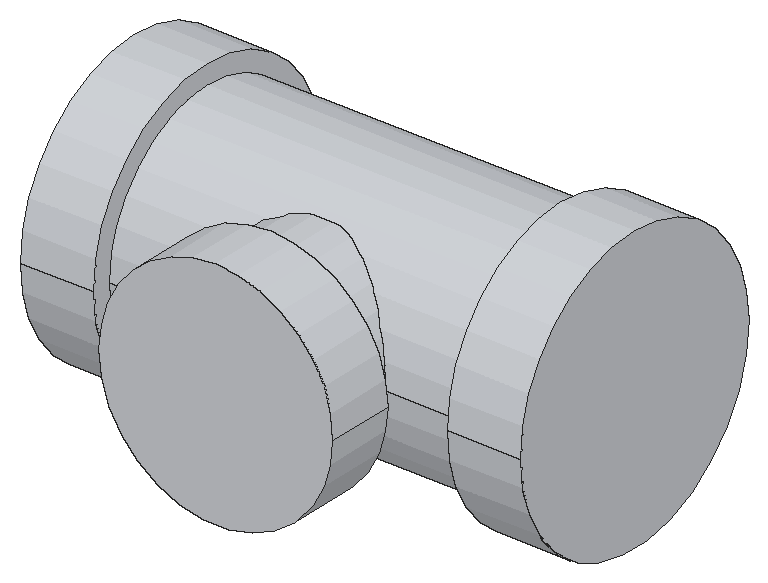
Revit family "M_Tee Reducing - Threaded - MI - Class 150", category Pipe Fittings, Revit 2014
Parameters (values of type "Standard")
  Tick Size 3 [instance] = Fitting Outside Diameter 3 * 0.4  # 5.952 mm
  Tick Size 2 [instance] = Fitting Outside Diameter 2 * 0.4  # 7.408 mm
  Tick Size 1 [instance] = Fitting Outside Diameter 1 * 0.4  # 7.408 mm
  Nominal Radius 3 [instance] = 3 mm
  Nominal Radius 2 [instance] = 4 mm
  Nominal Radius 1 [instance] = 4 mm
  Nominal Diameter 3 [instance] = Nominal Radius 3 * 2  # 6 mm
  Nominal Diameter 2 [instance] = Nominal Radius 2 * 2  # 8 mm
  Nominal Diameter 1 [instance] = Nominal Radius 1 * 2  # 8 mm
  Metal Thickness 3 [instance] = size_lookup(Lookup Table Name, "MThk", 0.04 * Nominal Diameter 3 + 2.183 mm, Nominal Diameter 3)  # 2.29 mm
  Metal Thickness 2 [instance] = size_lookup(Lookup Table Name, "MThk", 0.04 * Nominal Diameter 2 + 2.183 mm, Nominal Diameter 2)  # 2.41 mm
  Metal Thickness 1 [instance] = size_lookup(Lookup Table Name, "MThk", 0.04 * Nominal Diameter 1 + 2.183 mm, Nominal Diameter 1)  # 2.41 mm
  Lookup Table Name = "M_Tee Reducing - Threaded - MI - Class 150"
  C2 Length 2 [instance] = if(and(Angle < 90.00°, Length 1 < 0 mm), Max Band Outside Radius 12 / tan(Angle - atan(Band Outside Radius 3 / C3 Length 1)) + Band Width 2, Center to End 2)  # 18.8 mm
  Max Band Outside Radius 12 [instance] = if(Band Outside Radius 1 > Band Outside Radius 2, Band Outside Radius 1, Band Outside Radius 2)  # 10.7 mm
  C3 Length 2 [instance] = if(and(Angle < 90.00°, Length 1 < 0 mm), (Max Band Outside Radius 12 + Band Outside Radius 3 * cos(Angle)) / sin(Angle) + Band Width 3, if(and(Angle > 90.00°, Length 1 < 0 mm), (Max Band Outside Radius 12 + Band Outside Radius 3 * cos(180.00° - Angle)) / sin(180.00° - Angle) + Band Width 3, Max Band Outside Radius 12 + Band Width 3))  # 15.8 mm
  C3 Length 1 [instance] = C3 Length 2 - Band Width 3  # 10.7 mm
  C2 Length 1 [instance] = C2 Length 2 - Band Width 2  # 13.3 mm
  C1 Length 2 [instance] = if(and(Angle > 90.00°, Length 1 < 0 mm), Max Band Outside Radius 12 / tan(180.00° - Angle - atan(Band Outside Radius 3 / C3 Length 1)) + Band Width 1, Center to End 1)  # 18.8 mm
  C1 Length 1 [instance] = C1 Length 2 - Band Width 1  # 13.3 mm
  Length 1 [instance] = if(Angle < 90.00°, ((Center to End 3 - Band Width 3) / cos(Angle 1) * sin(Angle - Angle 1) - Max Band Outside Radius 12), ((Center to End 3 - Band Width 3) / cos(Angle 1) * sin(180.00° - Angle - Angle 1) - Max Band Outside Radius 12))  # 3.5 mm
  Fitting Outside Radius 3 [instance] = Fitting Outside Diameter 3 / 2  # 7.44 mm
  Fitting Outside Radius 2 [instance] = Fitting Outside Diameter 2 / 2  # 9.26 mm
  Fitting Outside Radius 1 [instance] = Fitting Outside Diameter 1 / 2  # 9.26 mm
  Fitting Outside Diameter 3 [instance] = Fitting Inside Diameter 3 + Metal Thickness 3 * 2  # 14.88 mm
  Fitting Outside Diameter 2 [instance] = Fitting Inside Diameter 2 + Metal Thickness 2 * 2  # 18.52 mm
  Fitting Outside Diameter 1 [instance] = Fitting Inside Diameter 1 + Metal Thickness 1 * 2  # 18.52 mm
  Fitting Inside Diameter 3 [instance] = size_lookup(Lookup Table Name, "FID", 1.08 * Nominal Diameter 3 + 5.159 mm, Nominal Diameter 3)  # 10.3 mm
  Fitting Inside Diameter 2 [instance] = size_lookup(Lookup Table Name, "FID", 1.08 * Nominal Diameter 2 + 5.159 mm, Nominal Diameter 2)  # 13.7 mm
  Fitting Inside Diameter 1 [instance] = size_lookup(Lookup Table Name, "FID", 1.08 * Nominal Diameter 1 + 5.159 mm, Nominal Diameter 1)  # 13.7 mm
  Center to End 3 [instance] = size_lookup(Lookup Table Name, "CtE3", 0.58 * Nominal Diameter 1 - 0.01 * Nominal Diameter 2 + 0.23 * Nominal Diameter 3 + 16.768 mm, (Nominal Diameter 1), (Nominal Diameter 2), (Nominal Diameter 3))  # 19.3 mm
  Center to End 2 [instance] = size_lookup(Lookup Table Name, "CtE2", 0.1 * Nominal Diameter 1 + 0.15 * Nominal Diameter 2 + 0.53 * Nominal Diameter 3 + 17.363 mm, (Nominal Diameter 1), (Nominal Diameter 2), (Nominal Diameter 3))  # 18.8 mm
  Center to End 1 [instance] = size_lookup(Lookup Table Name, "CtE1", 0.29 * Nominal Diameter 1 - 0.05 * Nominal Diameter 2 + 0.52 * Nominal Diameter 3 + 17.959 mm, (Nominal Diameter 1), (Nominal Diameter 2), (Nominal Diameter 3))  # 18.8 mm
  Band Width 3 [instance] = size_lookup(Lookup Table Name, "BWid", 0.12 * Nominal Diameter 3 + 4.465 mm, Nominal Diameter 3)  # 5.1 mm
  Band Width 2 [instance] = size_lookup(Lookup Table Name, "BWid", 0.12 * Nominal Diameter 2 + 4.465 mm, Nominal Diameter 2)  # 5.5 mm
  Band Width 1 [instance] = size_lookup(Lookup Table Name, "BWid", 0.12 * Nominal Diameter 1 + 4.465 mm, Nominal Diameter 1)  # 5.5 mm
  Band Outside Radius 3 [instance] = Band Outside Diameter 3 / 2  # 8.8 mm
  Band Outside Radius 2 [instance] = Band Outside Diameter 2 / 2  # 10.7 mm
  Band Outside Radius 1 [instance] = Band Outside Diameter 1 / 2  # 10.7 mm
  Band Outside Diameter 3 [instance] = size_lookup(Lookup Table Name, "BOD", 1.23 * Nominal Diameter 3 + 12.402 mm, Nominal Diameter 3)  # 17.6 mm
  Band Outside Diameter 2 [instance] = size_lookup(Lookup Table Name, "BOD", 1.23 * Nominal Diameter 2 + 12.402 mm, Nominal Diameter 2)  # 21.4 mm
  Band Outside Diameter 1 [instance] = size_lookup(Lookup Table Name, "BOD", 1.23 * Nominal Diameter 1 + 12.402 mm, Nominal Diameter 1)  # 21.4 mm
  Angle 1 [instance] = atan(Band Outside Radius 3 / (Center to End 3 - Band Width 3))  # 31.7873°
  Angle [instance] = 90.00°
Reference planes
  plane 1 "Center (Front/Back)": y = 0
  plane 2: z = 0
  plane 3 "Center (Left/Right)": x = 0
  plane 4: x = -13.3
  plane 5: x = 13.3
  plane 6: x = -18.8
  plane 7: x = 18.8
  plane 8: y = 7.408
  plane 9: y = -7.408
  plane 10: x = -13.3
  plane 11: x = 13.3
  plane 12: y = 7.408
  plane 13: y = -7.408
Forms (mm)
  Blend 1, solid, detail levels fine
    base sketch origin (0, 0, 0) x (0, 1, 0) y (0, 0, 1)
      loop
        circle (0, 0) r 9.26
    top sketch origin (0, 0, 0) x (0, 1, 0) y (0, 0, 1)
      loop
        circle (0, 0) r 9.26
    from -13.3 to 13.3
  Sweep 2, solid, detail levels fine
    path in 3D
      loop
        line (-18.8, 0, 0) -> (-13.3, 0, 0)
    profile origin (-16.05, 0, 0) x (0, 1, 0) y (0, 0, 1)
      loop
        circle (0, 0) r 10.7
  Sweep 3, solid, detail levels fine
    path in 3D
      loop
        line (13.3, 0, 0) -> (18.8, 0, 0)
    profile origin (16.05, 0, 0) x (0, 1, 0) y (0, 0, 1)
      loop
        circle (0, 0) r 10.7
  Sweep 4, solid, detail levels fine
    path in 3D
      loop
        line (0, 0, 0) -> (0, -10.7, 0)
    profile origin (0, -5.35, 0) x (1, 0, 0) y (0, 0, 1)
      loop
        circle (0, 0) r 7.44
  Sweep 5, solid, detail levels fine
    path in 3D
      loop
        line (0, -10.7, 0) -> (0, -15.8, 0)
    profile origin (0, -13.25, 0) x (1, 0, 0) y (0, 0, 1)
      loop
        circle (0, 0) r 8.8
Cuts and joins
  joined: Blend 1, Sweep 2, Sweep 3, Sweep 4, Sweep 5
Lines and regions (mm)
  model lines, detail levels coarse+medium
    curve 1: line (-18.8, 7.408, 0) -> (-18.8, -7.408, 0)
    curve 2: line (18.8, 7.408, 0) -> (18.8, -7.408, 0)
    curve 14: line (0, 0, 0) -> (0, -15.8, 0)
    curve 15: line (0, 0, 0) -> (18.8, 0, 0)
    curve 16: line (0, 0, 0) -> (-18.8, 0, 0)
    curve 17: line (5.952, -15.8, 0) -> (-5.952, -15.8, 0)
  reference lines
    curve 3: line (0, 0, 0) -> (0, -10.7, 0)
    curve 4: line (0, -10.7, 0) -> (0, -15.8, 0)
    curve 5: line (13.3, 0, 0) -> (18.8, 0, 0)
    curve 6: line (-18.8, 0, 0) -> (-13.3, 0, 0)
    curve 7: line (-18.8, 0, 0) -> (-13.3, 0, 0)
    curve 8: line (13.3, 0, 0) -> (18.8, 0, 0)
    curve 9: line (0, -15.8, 0) -> (0, -10.7, 0)
  sketch lines
    curve 10: line (-18.8, 0, 0) -> (-13.3, 0, 0)
    curve 11: line (13.3, 0, 0) -> (18.8, 0, 0)
    curve 12: line (0, 0, 0) -> (0, -10.7, 0)
    curve 13: line (0, -10.7, 0) -> (0, -15.8, 0)
Dimensions and locks
  "C1 Length 1": plane 4 to plane 3 "Center (Left/Right)"
  "C2 Length 1": plane 3 "Center (Left/Right)" to plane 5
  "C1 Length 2": plane 6 to plane 3 "Center (Left/Right)"
  equal spacing: plane 8, plane 1 "Center (Front/Back)", plane 9
  "Tick Size 1": plane 8 to plane 1 "Center (Front/Back)"
  "C3 Length 1": curve 3 to curve 4
  "Band Width 3": curve 4 to curve 4
  "C2 Length 2": plane 3 "Center (Left/Right)" to plane 7
  equal spacing: plane 12, plane 1 "Center (Front/Back)", plane 13
  "Tick Size 2": plane 12 to plane 1 "Center (Front/Back)"
  "C3 Length 2": curve 14 to curve 14
  equal spacing: curve 17, curve 14, curve 17
  "Tick Size 3": curve 14 to curve 17
  "Fitting Outside Radius 1": radius of Blend 1 sketch curve
  "Fitting Outside Radius 2": radius of Blend 1 sketch curve
  "Band Outside Radius 1": radius of Sweep 2 sketch curve
  "Band Outside Radius 2": radius of Sweep 3 sketch curve
  "Fitting Outside Radius 3": radius of Sweep 4 sketch curve
  "Band Outside Radius 3": radius of Sweep 5 sketch curve
  "Angle": angle curve 3 to plane 1 "Center (Front/Back)"
  "Angle": angle curve 4 to plane 1 "Center (Front/Back)"
  "Angle": angle curve 9 to plane 1 "Center (Front/Back)"
  "Angle": angle curve 14 to plane 1 "Center (Front/Back)"
  "Angle": angle curve 17 to plane 5
  aligned and locked: plane 8 to curve 1
  aligned and locked: plane 9 to curve 1
  aligned and locked: curve 1 to plane 6
  aligned and locked: curve 2 to plane 7
  aligned and locked: plane 3 "Center (Left/Right)" to curve 3
  aligned and locked: plane 6 to curve 6
  aligned and locked: plane 4 to curve 6
  aligned and locked: plane 5 to curve 5
  aligned and locked: plane 7 to curve 5
  aligned and locked: plane 1 "Center (Front/Back)" to curve 5
  aligned and locked: plane 1 "Center (Front/Back)" to curve 6
  aligned and locked: plane 6 to curve 7
  aligned and locked: plane 10 to curve 7
  aligned and locked: plane 1 "Center (Front/Back)" to curve 7
  aligned and locked: plane 11 to curve 8
  aligned and locked: plane 7 to curve 8
  aligned and locked: plane 1 "Center (Front/Back)" to curve 8
  aligned and locked: plane 1 "Center (Front/Back)" to Blend 1 sketch curve  (x2)
  aligned and locked: plane 2 to Blend 1 sketch curve  (x2)
  aligned and locked: Blend 1 to plane 4
  aligned and locked: plane 5 to Blend 1
  aligned and locked: plane 1 "Center (Front/Back)" to Sweep 2 sketch curve
  aligned and locked: plane 2 to Sweep 2 sketch curve
  aligned and locked: plane 1 "Center (Front/Back)" to Sweep 3 sketch curve
  aligned and locked: plane 2 to Sweep 3 sketch curve
  aligned and locked: plane 13 to curve 2
  aligned and locked: plane 12 to curve 2
  aligned and locked: profile plane to Sweep 4 sketch curve  (x2)
  aligned and locked: profile plane to Sweep 5 sketch curve  (x2)
  aligned and locked: plane 3 "Center (Left/Right)" to curve 14
  aligned and locked: plane 1 "Center (Front/Back)" to curve 14
  aligned and locked: plane 7 to curve 15
  aligned and locked: plane 6 to curve 16
Automatic sketch dimensions
  curve 3 to plane 1 "Center (Front/Back)" = 0 mm
Connectors
  piping at (-18.8, 0, 0), diameter 8, driven by "Nominal Radius 1"
    settings: on cut or joined group of Blend 1, Sweep 2, Sweep 3, Sweep 4, Sweep 5, index 1, connector inside diameter 8 mm, connector length 0 mm, flow factor 0, pipe flow 0.0 L/s, pressure drop 0.0 Pa, fitting loss kfactor 0, connector angle 0.00°, fixture units 0, engagement length 0 mm, angle of deflection 0.00°, flow configuration 0, flow direction 0, fitting loss method 0, system type 28, joint type 0, gender type 0, connector reference index 2, connector utility 0, adjustable connector no, is connector primary yes, connector description ""
  piping at (18.8, 0, 0), diameter 8, driven by "Nominal Radius 2"
    settings: on cut or joined group of Blend 1, Sweep 2, Sweep 3, Sweep 4, Sweep 5, index 2, connector inside diameter 8 mm, connector length 0 mm, flow factor 0, pipe flow 0.0 L/s, pressure drop 0.0 Pa, fitting loss kfactor 0, connector angle 0.00°, fixture units 0, engagement length 0 mm, angle of deflection 0.00°, flow configuration 0, flow direction 0, fitting loss method 0, system type 28, joint type 0, gender type 0, connector reference index 1, connector utility 0, adjustable connector no, is connector primary no, connector description ""
  piping at (0, -15.8, 0), diameter 6, driven by "Nominal Radius 3", driven by "Angle"
    settings: on cut or joined group of Blend 1, Sweep 2, Sweep 3, Sweep 4, Sweep 5, index 3, connector inside diameter 6 mm, connector length 0 mm, flow factor 0, pipe flow 0.0 L/s, pressure drop 0.0 Pa, fitting loss kfactor 0, connector angle 90.00°, fixture units 0, engagement length 0 mm, angle of deflection 0.00°, flow configuration 0, flow direction 0, fitting loss method 0, system type 28, joint type 0, gender type 0, connector reference index -1, connector utility 0, adjustable connector no, is connector primary no, connector description ""
